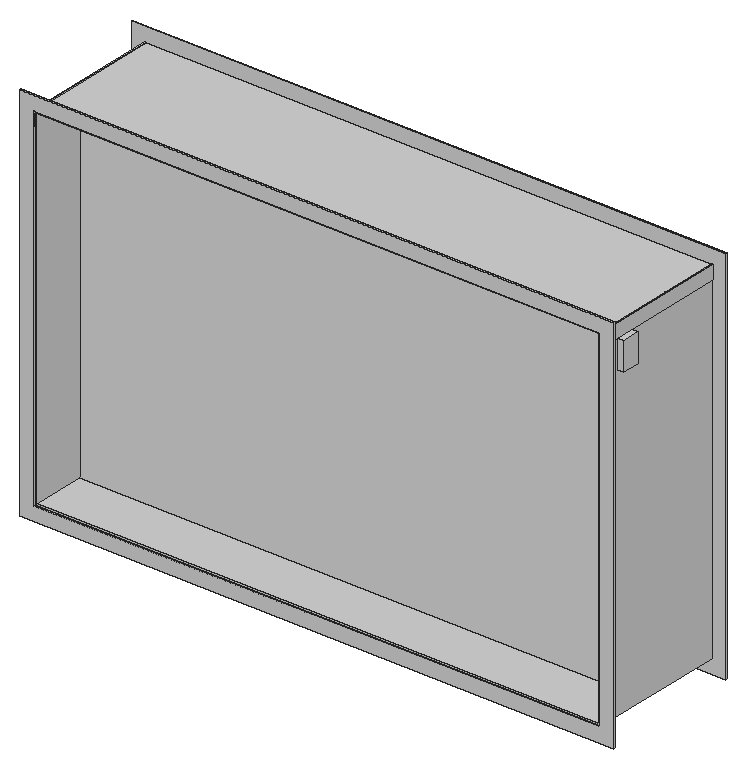
Revit family "НЕВАТОМ_Фильтр-бокс AxB FVG, версия 1", category Арматура воздуховодов, Revit 2017
Family settings
  Размер круглого соединителя = Использовать диаметр
  Тип детали = Вставляется
  На основе рабочей плоскости = Нет
  Всегда вертикально = Нет
  При загрузке вырезать с полостями = Нет
  Общий = Нет
Parameters (values of type "ФИЛЬТР-БОКС FVG- 800х500–ОЦ.")
  НЕВАТОМ_Сменная кассета = "FVG"  # constant formula
  ADSK_Материал [instance] = Материал корпуса
  t = 2 mm  # constant formula
  Nevatom_Частотный преобразователь = ""
  Nevatom_Регулятор расхода = ""
  Nevatom_URL = "https://t.me/NEVATOM_Bim_bot"
  Nevatom_ Для задания электроснабжения = ""
  ADSK_Размер_Ширина = C  # 200 mm
  ADSK_Размер_Длина = A  # 800 mm
  ADSK_Размер_Высота = B  # 500 mm
  ADSK_Материал наименование = "Оцинкованная сталь"  # constant formula
  A = 800 mm
  C = 200 mm  # constant formula
  B = 500 mm
  Фланец = 20 mm  # constant formula
  ADSK_Расход воздуха = 3360.0 m³/h
  ADSK_Примечание = ""
  ADSK_Позиция = ""
  ADSK_Наименование = "ФИЛЬТР-БОКС FVG-800х500–ОЦ."
  ADSK_Масса_Текст = "кг"
  ADSK_Масса = 0
  ADSK_Марка = ""
  ADSK_Код изделия = ""
  ADSK_Завод-изготовитель = "НЕВАТОМ"  # constant formula
  ADSK_Единица измерения = "шт."
Types (11, lengths in mm): name | ADSK_Материал | ADSK_Размер_Длина | ADSK_Размер_Высота | A | B | ADSK_Расход воздуха | ADSK_Наименование
  (no name) | Материал корпуса | 800 | 500 | 800 | 500 | 3360.0 m³/h | "ФИЛЬТР-БОКС FVG-800х500–ОЦ."
  ФИЛЬТР-БОКС FVG-300х150–ОЦ. | Материал корпуса | 300 | 150 | 300 | 150 | 400.0 m³/h | "ФИЛЬТР-БОКС FVG-300х150–ОЦ."
  ФИЛЬТР-БОКС FVG-400х200–ОЦ. | Сталь оцинкованная | 400 | 200 | 400 | 200 | 720.0 m³/h | "ФИЛЬТР-БОКС FVG-400х200–ОЦ."
  ФИЛЬТР-БОКС FVG-500х250–ОЦ. | Материал корпуса | 500 | 250 | 500 | 250 | 1100.0 m³/h | "ФИЛЬТР-БОКС FVG-500х250–ОЦ."
  ФИЛЬТР-БОКС FVG-500х300–ОЦ. | Материал корпуса | 500 | 300 | 500 | 300 | 1300.0 m³/h | "ФИЛЬТР-БОКС FVG-500х300–ОЦ."
  ФИЛЬТР-БОКС FVG-600х300–ОЦ. | Материал корпуса | 600 | 300 | 600 | 300 | 1600.0 m³/h | "ФИЛЬТР-БОКС FVG-600х300–ОЦ."
  ФИЛЬТР-БОКС FVG-600х350–ОЦ. | Материал корпуса | 600 | 350 | 600 | 350 | 1800.0 m³/h | "ФИЛЬТР-БОКС FVG-600х350–ОЦ."
  ФИЛЬТР-БОКС FVG-700х400–ОЦ. | Материал корпуса | 700 | 400 | 700 | 400 | 2500.0 m³/h | "ФИЛЬТР-БОКС FVG- 700х400–ОЦ."
  ФИЛЬТР-БОКС FVG- 800х500–ОЦ. | Материал корпуса | 800 | 500 | 800 | 500 | 3360.0 m³/h | "ФИЛЬТР-БОКС FVG-800х500–ОЦ."
  ФИЛЬТР-БОКС FVG- 900х500–ОЦ. | Материал корпуса | 900 | 500 | 900 | 500 | 3800.0 m³/h | "ФИЛЬТР-БОКС FVG-900х500–ОЦ."
  ФИЛЬТР-БОКС FVG-1000х500–ОЦ. | Сталь оцинкованная | 1000 | 500 | 1000 | 500 | 4000.0 m³/h | "ФИЛЬТР-БОКС FVG-1000х500–ОЦ."
Reference planes
  plane 1 "По центру (Вперед/Назад)": y = 0
  plane 2: z = 0
  plane 3 "По центру (Влево/Вправо)": x = 0
  plane 4: z = 270
  plane 5: z = -270
  plane 6: x = 420
  plane 7: x = -420
  plane 8: z = 250
  plane 9: z = -250
  plane 10: x = 400
  plane 11: x = -400
  plane 12: y = -100
  plane 13: y = 100
Forms (mm)
  Extrusion 1, solid, material "Материал корпуса"
    sketch origin (0, 0, 0) x (1, 0, 0) y (0, 0, 1)
      loop
        line (-420, 270) -> (-420, -270) -> (420, -270) -> (420, 270) -> (-420, 270)
      loop
        line (-400, 250) -> (-400, -250) -> (400, -250) -> (400, 250) -> (-400, 250)
    from 98 to 100
  Extrusion 2, solid, material "Материал корпуса"
    sketch origin (0, 0, 0) x (1, 0, 0) y (0, 0, -1)
      loop
        line (-420, -270) -> (420, -270) -> (420, 270) -> (-420, 270) -> (-420, -270)
      loop
        line (-400, -250) -> (400, -250) -> (400, 250) -> (-400, 250) -> (-400, -250)
    from 98 to 100
  Extrusion 3, solid, material "Материал корпуса"
    sketch origin (0, 0, 0) x (1, 0, 0) y (0, 0, 1)
      loop
        line (-400, 250) -> (-400, -250) -> (400, -250) -> (400, 250) -> (-400, 250)
      loop
        line (-398, 248) -> (-398, -248) -> (398, -248) -> (398, 248) -> (-398, 248)
    from -98 to 98
  Extrusion 4, solid, material "Материал корпуса"
    sketch origin (0, 0, 0) x (1, 0, 0) y (0, 0, 1)
      loop
        line (400, 250) -> (400, 230) -> (402, 230) -> (402, 250) -> (400, 250)
    from -98 to 98
  Extrusion 5, solid, material "Материал корпуса"
    sketch origin (0, 0, 0) x (-1, 0, 0) y (0, 0, -1)
      loop
        line (400, -250) -> (402, -250) -> (402, -230) -> (400, -230) -> (400, -250)
    from -98 to 98
  Extrusion 6, solid, material "Фильтрующий материал"
    sketch origin (0, 0, 0) x (1, 0, 0) y (0, 0, 1)
      loop
        line (-398, 248) -> (-398, -248) -> (398, -248) -> (398, 248) -> (-398, 248)
    from -22.5 to 22.5
  Extrusion 7, solid, material "Материал корпуса" <- "ADSK_Материал"
    sketch origin (0, 0, 0) x (1, 0, 0) y (0, 0, 1)
      loop
        line (400, 230) -> (400, 190) -> (410, 190) -> (410, 230) -> (400, 230)
    from 45 to 70
  Extrusion 8, solid, material "Материал корпуса" <- "ADSK_Материал"
    sketch origin (0, 0, 0) x (-1, 0, 0) y (0, 0, -1)
      loop
        line (400, -230) -> (410, -230) -> (410, -190) -> (400, -190) -> (400, -230)
    from 45 to 70
Dimensions and locks
  equal spacing: plane 10, plane 3 "По центру (Влево/Вправо)", plane 11
  "Фланец": plane 6 to plane 10
  "Фланец": plane 11 to plane 7
  equal spacing: plane 8, level, plane 9
  "Фланец": plane 9 to plane 5
  "Фланец": plane 4 to plane 8
  equal spacing: plane 11, plane 3 "По центру (Влево/Вправо)", plane 10
  plane 11 to plane 10 = 800 mm
  plane 10 to plane 6 = 20 mm
  plane 7 to plane 11 = 20 mm
  "A": plane 10 to plane 11
  "B": plane 8 to plane 9
  equal spacing: plane 13, plane 1 "По центру (Вперед/Назад)", plane 12
  "C": plane 13 to plane 12
  "t": plane 13 to Extrusion 2
  "t": Extrusion 1 to plane 12
  "t": plane 10 to Extrusion 3 sketch curve
  "t": plane 8 to Extrusion 3 sketch curve
  "t": Extrusion 3 sketch curve to plane 11
  "t": Extrusion 3 sketch curve to plane 9
  "t": Extrusion 4 sketch curve to plane 10
  "Фланец": plane 8 to Extrusion 4 sketch curve
  "t": plane 11 to Extrusion 5
  "Фланец": plane 8 to Extrusion 5
  equal spacing: Extrusion 6, plane 1 "По центру (Вперед/Назад)", Extrusion 6
  locked: Extrusion 6 to Extrusion 6 at 45
  equal spacing: Extrusion 1, Extrusion 7 sketch curve, plane 10
  locked: Extrusion 7 sketch curve to Extrusion 7 sketch curve at 40
  locked: Extrusion 7 to plane 12 at 30
  locked: Extrusion 7 to Extrusion 7 at 25
  locked: Extrusion 8 sketch curve to Extrusion 8 sketch curve at 40
  locked: Extrusion 8 to Extrusion 8 at 25
  locked: Extrusion 8 to plane 12 at 30
  aligned and locked: level to plane 2
  aligned and locked: plane 7 to Extrusion 1 sketch curve
  aligned and locked: plane 11 to Extrusion 1 sketch curve
  aligned and locked: Extrusion 1 sketch curve to plane 4
  aligned and locked: Extrusion 1 sketch curve to plane 8
  aligned and locked: Extrusion 1 sketch curve to plane 6
  aligned and locked: Extrusion 1 sketch curve to plane 10
  aligned and locked: plane 5 to Extrusion 1 sketch curve
  aligned and locked: plane 9 to Extrusion 1 sketch curve
  aligned and locked: Extrusion 1 to plane 12
  aligned and locked: plane 13 to Extrusion 2
  aligned and locked: Extrusion 3 sketch curve to Extrusion 1  (x4)
  aligned and locked: Extrusion 3 to Extrusion 1
  aligned and locked: Extrusion 3 to Extrusion 2
  aligned and locked: Extrusion 1 to Extrusion 4 sketch curve
  aligned and locked: Extrusion 4 sketch curve to Extrusion 1
  aligned and locked: plane 8 to Extrusion 5
  aligned and locked: plane 11 to Extrusion 5
  aligned and locked: Extrusion 5 to Extrusion 2
  aligned and locked: Extrusion 5 to Extrusion 1
  aligned and locked: Extrusion 4 to Extrusion 2
  aligned and locked: Extrusion 4 to Extrusion 1
  aligned and locked: Extrusion 3 to Extrusion 6 sketch curve  (x2)
  aligned and locked: Extrusion 6 sketch curve to Extrusion 3  (x2)
  aligned and locked: Extrusion 7 sketch curve to Extrusion 4
Automatic sketch dimensions
  Extrusion 2 sketch curve to plane 5 = 0 mm
  Extrusion 2 sketch curve to plane 7 = 0 mm
  Extrusion 2 sketch curve to plane 8 = 0 mm
  Extrusion 2 sketch curve to plane 11 = 0 mm
  Extrusion 2 sketch curve to plane 10 = 0 mm
  Extrusion 2 sketch curve to plane 4 = 0 mm
  Extrusion 2 sketch curve to plane 6 = 0 mm
  Extrusion 2 sketch curve to plane 9 = 0 mm
  Extrusion 5 sketch curve to plane 11 = 0 mm
  Extrusion 5 sketch curve to plane 8 = 0 mm
  plane 11 to Extrusion 5 sketch curve = 2 mm
  plane 8 to Extrusion 5 sketch curve = 20 mm
  Extrusion 7 sketch curve to plane 10 = 0 mm
  Extrusion 8 sketch curve to plane 11 = 0 mm
  Extrusion 8 sketch curve to plane 7 = 10 mm
  plane 8 to Extrusion 8 sketch curve = 60 mm
Connectors
  hvac at (0, -100, 0), driven by "B", driven by "A"
    settings: on Extrusion 1, index 1, duct flow 0.0 m³/h, flow factor 0, pres drop 0.0 Pa, loss coef 0, conn angle 0.00°, conn width 800 mm, conn height 500 mm, conn diameter 609.6 mm, duct sys type 28, conn prof type 1, flow config 0, flow direction 0, loss method 0, conn ref index 2, conn util no, is conn primary yes, conn desc ""
  hvac at (0, 98, 0), driven by "B", driven by "A"
    settings: on Extrusion 2, index 2, duct flow 0.0 m³/h, flow factor 0, pres drop 0.0 Pa, loss coef 0, conn angle 0.00°, conn width 800 mm, conn height 500 mm, conn diameter 609.6 mm, duct sys type 28, conn prof type 1, flow config 0, flow direction 0, loss method 0, conn ref index 1, conn util no, is conn primary no, conn desc ""
